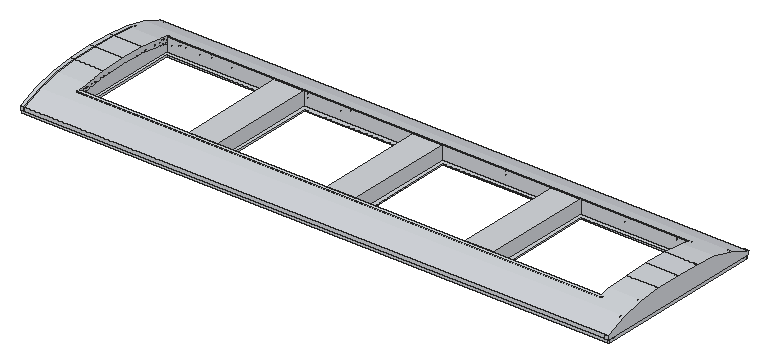
Revit family "Gira_0214771", category Electrical Fixtures, host Face, Revit 2017
Family settings
  Host = Face
  Maintain Annotation Orientation = No
  Round Connector Dimension = Use Diameter
  Part Type = Normal
  Cut with Voids When Loaded = No
  Shared = No
  Room Calculation Point = No
Parameters (values of type "Abdeckrahmen 4f Zwischenr. CW Gira Event Klar Sand")
  Werkstoffgüte = "Thermoplast"
  Werkstoff = "Kunststoff"
  URL = "http://katalog.gira.de/de_DE/datenblatt.html?artikelnr=0214771"
  Transparent = "No"
  Textfeld/Beschriftungsfläche = "No"
  Schutzart (IP) = "IP20"
  Region = "DE"
  Oberfläche = "sonstige"
  Name = "Abdeckrahmen 4f Zwischenr. CW Gira Event Klar Sand"
  Montagerichtung = "horizontal und vertikal"
  Mit Montagerahmen = "No"
  Mit Klappdeckel = "No"
  Manufacturer URL = "https://www.gira.de/"
  Keynote = "Event_Rahmen_4fach"
  HeinzeBIM = "https://bimportal.heinze.de/bim/abdeckrahmen-4f-zwischenr-cw-gira-event-klar-sand/c1e1beb8eb472d954ce9d39eee8b169cdc378359"
  Halogenfrei = "Yes"
  HAN = "0214771"
  Geeignet für Unterputz-Installation = "No"
  Geeignet für Unterflurkanaldose = "No"
  Geeignet für Geräteeinbaukanal = "No"
  Geeignet für Einbauinstallation = "No"
  GTIN = "4010337069539"
  Farbe = "sonstige"
  Default Elevation = 1219.2 mm
  Data sheet (1) = "https://katalog.gira.de/de_DE/download.html?artikelnr=0214771"
  Category = "Abdeckrahmen"
  Befestigungsart = "Klemmbefestigung"
  Available = "Yes"
  Ausführung der Oberfläche = "glänzend"
  Anzahl der Einheiten vertikal = "4 "
  Anzahl der Einheiten horizontal = "4 "
  Anzahl der Einheiten = "4 "
Reference planes
  plane 1 "Center (Front/Back)": y = 0
  plane 2: z = 0
  plane 3 "Center (Left/Right)": x = 0
Forms (mm)
  Extrusion 1, solid, detail levels fine
    sketch origin (0, 0, 0.05) x (0, 1, 0) y (0, 0, 1)
      loop
        arc (12.445, 9.683) -> (6.223, 9.833) -> (0, 9.85) r 291.636
        arc (0, 9.85) -> (-6.223, 9.833) -> (-12.445, 9.683) r 291.636
        arc (-12.445, 9.683) -> (-29.14, 7.482) -> (-45, 1.823) r 79.728
        line (-45, 1.823) -> (-45, -0.05) -> (-42.086, -0.05)
        arc (-42.086, -0.05) -> (-21.385, 5.559) -> (0, 7.206) r 114.424
        arc (0, 7.206) -> (21.385, 5.559) -> (42.086, -0.05) r 114.424
        line (42.086, -0.05) -> (45, -0.05) -> (45, 1.823)
        arc (45, 1.823) -> (29.14, 7.482) -> (12.445, 9.683) r 79.728
    from -151.95 to 151.935
  Extrusion 2, void, detail levels fine
    sketch origin (0, 0, 0) x (1, 0, 0) y (0, 1, 0)
      loop
        line (134.95, 28.035) -> (-134.95, 28.035) -> (-134.95, -28.035) -> (134.95, -28.035) -> (134.95, 28.035)
    from 0.724 to 11
  Extrusion 3, solid, detail levels coarse
    sketch origin (0, 0, 0) x (1, 0, 0) y (0, 1, 0)
      loop
        line (-151.95, 45) -> (-151.95, -45) -> (151.935, -45) -> (151.935, 45) -> (-151.95, 45)
    from -1.5 to 9.9
  Extrusion 4, solid, detail levels medium
    sketch origin (0, 0, 0.05) x (0, 1, 0) y (0, 0, 1)
      loop
        arc (12.445, 9.683) -> (6.223, 9.833) -> (0, 9.85) r 291.636
        arc (0, 9.85) -> (-6.223, 9.833) -> (-12.445, 9.683) r 291.636
        arc (-12.445, 9.683) -> (-29.14, 7.482) -> (-45, 1.823) r 79.728
        line (-45, 1.823) -> (-45, -0.05) -> (45, -0.05) -> (45, 1.823)
        arc (45, 1.823) -> (29.14, 7.482) -> (12.445, 9.683) r 79.728
    from -151.95 to 151.935
  Extrusion 5, solid, detail levels fine
    sketch origin (-106.95, 0, -1.5) x (0, 1, 0) y (0, 0, -1)
      loop
        line (45, -3.373) -> (45, -1.5) -> (-45, -1.5) -> (-45, -3.373)
        arc (-45, -3.373) -> (-29.14, -9.032) -> (-12.445, -11.233) r 79.728
        arc (-12.445, -11.233) -> (-6.223, -11.383) -> (0, -11.4) r 291.636
        arc (0, -11.4) -> (6.223, -11.383) -> (12.445, -11.233) r 291.636
        arc (12.445, -11.233) -> (29.14, -9.032) -> (45, -3.373) r 79.728
    from 43 to 45
  Extrusion 6, solid, detail levels fine
    sketch origin (0, 0, 0) x (1, 0, 0) y (0, 1, 0)
      loop
        line (-132.85, 25.7) -> (-132.85, -25.7) -> (-81.05, -25.7) -> (-81.05, 25.7) -> (-132.85, 25.7)
      loop
        line (-9.755, -25.7) -> (-9.755, 25.7) -> (-61.555, 25.7) -> (-61.555, -25.7) -> (-9.755, -25.7)
      loop
        line (-135.845, 28.49) -> (-135.845, -28.495)
        spline (-135.845, -28.495) -> (-135.836, -28.625) -> (-135.811, -28.754) -> (-135.769, -28.878) -> (-135.711, -28.995) -> (-135.638, -29.104) -> (-135.552, -29.202) -> (-135.454, -29.288) -> (-135.345, -29.361) -> (-135.228, -29.419) -> (-135.104, -29.461) -> (-134.975, -29.486) -> (-134.845, -29.495)
        line (-134.845, -29.495) -> (134.845, -29.495)
        spline (134.845, -29.495) -> (134.975, -29.486) -> (135.104, -29.461) -> (135.228, -29.419) -> (135.345, -29.361) -> (135.454, -29.288) -> (135.552, -29.202) -> (135.638, -29.104) -> (135.711, -28.995) -> (135.769, -28.878) -> (135.811, -28.754) -> (135.836, -28.625) -> (135.845, -28.495)
        line (135.845, -28.495) -> (135.845, 28.49)
        spline (135.845, 28.49) -> (135.836, 28.62) -> (135.811, 28.748) -> (135.769, 28.872) -> (135.711, 28.99) -> (135.638, 29.098) -> (135.552, 29.197) -> (135.454, 29.283) -> (135.345, 29.356) -> (135.228, 29.413) -> (135.104, 29.456) -> (134.975, 29.481) -> (134.845, 29.49)
        line (134.845, 29.49) -> (-134.845, 29.49)
        spline (-134.845, 29.49) -> (-134.975, 29.481) -> (-135.104, 29.456) -> (-135.228, 29.413) -> (-135.345, 29.356) -> (-135.454, 29.283) -> (-135.552, 29.197) -> (-135.638, 29.098) -> (-135.711, 28.99) -> (-135.769, 28.872) -> (-135.811, 28.748) -> (-135.836, 28.62) -> (-135.845, 28.49)
      loop
        line (61.545, -25.7) -> (61.545, 25.7) -> (9.745, 25.7) -> (9.745, -25.7) -> (61.545, -25.7)
      loop
        line (132.85, -25.7) -> (132.85, 25.7) -> (81.05, 25.7) -> (81.05, -25.7) -> (132.85, -25.7)
    from 0.1 to 7.3
  Extrusion 7, solid
    sketch origin (0, 0, 0) x (1, 0, 0) y (0, 1, 0)
      loop
        arc (-151.65, -44.218) -> (-151.504, -44.572) -> (-151.15, -44.718) r 0.5
        line (-151.15, -44.718) -> (151.15, -44.718)
        arc (151.15, -44.718) -> (151.504, -44.572) -> (151.65, -44.218) r 0.5
        line (151.65, -44.218) -> (151.65, 44.182)
        arc (151.65, 44.182) -> (151.504, 44.535) -> (151.15, 44.682) r 0.5
        line (151.15, 44.682) -> (-151.15, 44.682)
        arc (-151.15, 44.682) -> (-151.504, 44.535) -> (-151.65, 44.182) r 0.5
        line (-151.65, 44.182) -> (-151.65, -44.218)
      loop
        line (-149.95, 42.982) -> (-149.95, -43.018) -> (149.95, -43.018) -> (149.95, 42.982) -> (-149.95, 42.982)
    from -1.5 to 0.5
  Extrusion 8, solid, detail levels fine
    sketch origin (106.935, 0, -1.5) x (0, 1, 0) y (0, 0, 1)
      loop
        arc (45, 3.373) -> (29.14, 9.032) -> (12.445, 11.233) r 79.728
        arc (12.445, 11.233) -> (6.223, 11.383) -> (0, 11.4) r 291.636
        arc (0, 11.4) -> (-6.223, 11.383) -> (-12.445, 11.233) r 291.636
        arc (-12.445, 11.233) -> (-29.14, 9.032) -> (-45, 3.373) r 79.728
        line (-45, 3.373) -> (-45, 1.5) -> (45, 1.5) -> (45, 3.373)
    from 43 to 45
  Extrusion 9, solid, detail levels medium
    sketch origin (0, 0, 0) x (1, 0, 0) y (0, 1, 0)
      loop
        line (-151.65, -44.718) -> (151.65, -44.718) -> (151.65, 44.682) -> (-151.65, 44.682) -> (-151.65, -44.718)
    from -1.5 to 0.5
  Extrusion 10, solid, detail levels fine
    sketch origin (-69.857, 0, 0) x (1, 0, 0) y (0, 1, 0)
      loop
        line (-8.943, 28.063) -> (-8.943, -27.937) -> (6.057, -27.937) -> (6.057, 28.063) -> (-8.943, 28.063)
    from 0.724 to 7.566
  Extrusion 11, solid, detail levels fine
    sketch origin (-1.443, 0, 0) x (-1, 0, 0) y (0, -1, 0)
      loop
        line (-8.943, -28.063) -> (6.057, -28.063) -> (6.057, 27.937) -> (-8.943, 27.937) -> (-8.943, -28.063)
    from 0.724 to 7.566
  Extrusion 12, solid, detail levels fine
    sketch origin (69.857, 0, 0) x (-1, 0, 0) y (0, -1, 0)
      loop
        line (-8.943, -28.063) -> (6.057, -28.063) -> (6.057, 27.937) -> (-8.943, 27.937) -> (-8.943, -28.063)
    from 0.724 to 7.566
Cuts and joins
  Extrusion 2 cuts Extrusion 1
  Extrusion 2 cuts Extrusion 6
Dimensions and locks
  aligned and locked: plane 2 to host face
  aligned and locked: level to host face
